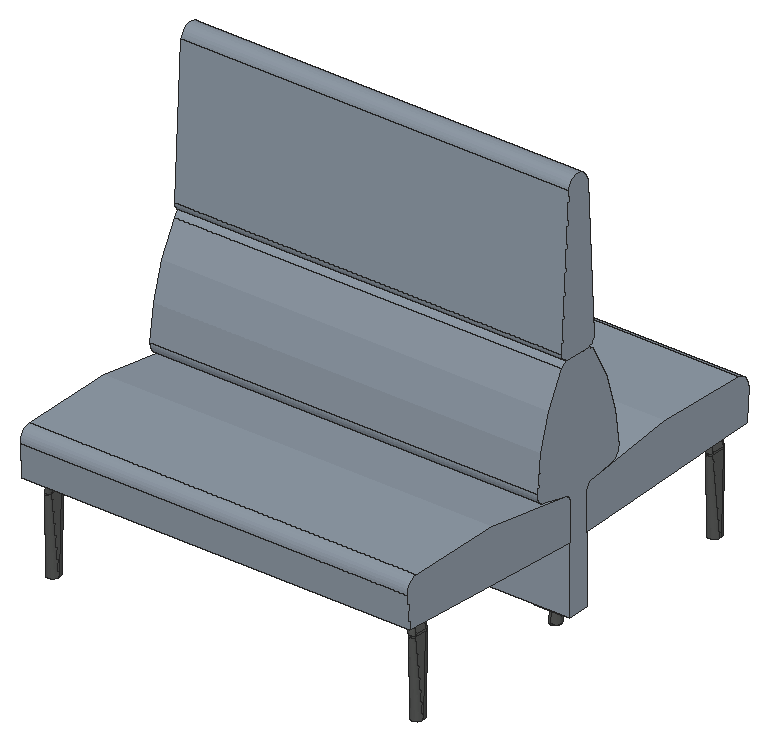
Revit family "FU_Modular_Sandler_Ambit 1066", category Furniture, Revit 2020
Family settings
  OmniClass Number = 23.40.20.00
  OmniClass Title = General Furniture and Specialties
  Work Plane-Based = No
  Always vertical = Yes
  Cut with Voids When Loaded = No
  Shared = No
  Room Calculation Point = No
Parameters (values of type "Ambit 1066")
  Width = 1200 mm
  URL = "https://www.sandlerseating.com/product/ambit-1066/"
  Seat [instance] = Fabric - Gravity - Frozen CPC27
  Panel [instance] = Fabric - Gravity - Frozen CPC27
  Model = "Ambit 1066"
  Manufacturer = "Sandler"
  Height = 770 mm
  Frame [instance] = Metal - Paint -AL VR - Matt Jet Black
  Description = "Modular seating system. Upholstered seat and back, with feet in cast aluminium."
  Depth = 1320 mm
  Default Elevation = 0 mm
  Back [instance] = Fabric - Gravity - Frozen CPC27
Reference planes
  plane 1 "Center (Front/Back)": y = 0
  plane 2: z = 0
  plane 3 "Center (Left/Right)": x = 0
  plane 4 "Right": x = -600
  plane 5 "Left": x = 600
  plane 6 "Back": y = 660
  plane 7 "Front": y = -660
  plane 8 "Height": z = 770
  plane 9 "Seat height": z = 430
Dimensions and locks
  equal spacing: plane 4 "Right", plane 3 "Center (Left/Right)", plane 5 "Left"
  "Width": plane 4 "Right" to plane 5 "Left"
  equal spacing: plane 6 "Back", plane 1 "Center (Front/Back)", plane 7 "Front"
  "Depth": plane 6 "Back" to plane 7 "Front"
  "Height": plane 8 "Height" to level
  plane 9 "Seat height" to level = 430 mm
  aligned and locked: level to plane 2
Nested families
  nested 1: "Ambit DoubleBack" at (0, 0, 0), Back <- "Back", Frame <- "Frame", type "1200mm Double Back"
    with Frame Metal - Paint -AL VR - Matt Jet Black, Back Fabric - Gravity - Frozen CPC27
  nested 2: "Ambit Double-High-Panel" at (0, 0, 0), Panel <- "Panel", type "1200mm High Double Panel"
    with Panel Fabric - Gravity - Frozen CPC27
  nested 3: "Ambit Seat" at (0, -310, 0), Frame <- "Frame", Seat <- "Seat", type "Seat 1200mm"
    with Seat Fabric - Gravity - Frozen CPC27, Frame Metal - Paint -AL VR - Matt Jet Black
  nested 4: "Ambit Seat" at (0, 310, 0), Frame <- "Frame", Seat <- "Seat", type "Seat 1200mm"
    with Seat Fabric - Gravity - Frozen CPC27, Frame Metal - Paint -AL VR - Matt Jet Black
Definition of nested family "Ambit DoubleBack"
  Parameters (values of type "1200mm Double Back")
    Width = 1200 mm
    Height = 770 mm
    Frame [instance] = none
    Depth = 320 mm
    Default Elevation = 0 mm
    Back [instance] = none
  Types (3, lengths in mm): name | Width
    (no name) | 1200
    800mm Double Back | 800
    1200mm Double Back | 1200
  Reference planes
    plane 1 "Center (Front/Back)": y = 0
    plane 2: z = 0
    plane 3 "Center (Left/Right)": x = 0
    plane 4 "Right": x = -600
    plane 5 "Left": x = 600
    plane 6 "Back": y = 160
    plane 7 "Front": y = -160
    plane 8 "Height": z = 770
    plane 9 "Seat height": z = 430
    plane 10 "Back Foot Right": x = -530.534
    plane 11 "Back Foot Left": x = 530.534
  Forms (mm)
    Revolve 1, solid, material <- "Frame"
      sketch origin (-530.534, 0, 0) x (0, 0, 1) y (0, -1, 0)
        loop
          line (40.637, 14.262) -> (2.1, 17.115)
          arc (2.1, 17.115) -> (0.817, 16.784) -> (0, 15.742) r 2.065
          line (0, 15.742) -> (0, -0.276) -> (48.022, -0.276) -> (48.022, 19.244) -> (46.076, 19.244)
          arc (46.076, 19.244) -> (44.432, 15.579) -> (40.637, 14.262) r 5.065
        axis (48.022, -0.276) -> (0, -0.276)
      angle from 0 to 360
    Extrusion 2, solid, material <- "Frame"
      sketch origin (-0.482, -318.685, 51.603) x (0, -1, 0) y (1, 0, 0)
        loop
          arc (-347.852, 490.046) -> (-347.258, 488.613) -> (-345.824, 488.019) r 2.027
          line (-345.824, 488.019) -> (-291.875, 488.019)
          arc (-291.875, 488.019) -> (-290.444, 488.611) -> (-289.852, 490.042) r 2.023
          line (-289.852, 490.042) -> (-289.852, 572.037)
          arc (-289.852, 572.037) -> (-290.431, 573.436) -> (-291.83, 574.016) r 1.978
          line (-291.83, 574.016) -> (-345.837, 574.016)
          arc (-345.837, 574.016) -> (-347.262, 573.426) -> (-347.852, 572.001) r 2.015
          line (-347.852, 572.001) -> (-347.852, 490.046)
      from -5.528 to 0
    Revolve 3, solid, material <- "Frame"
      sketch origin (530.534, 0, 0) x (0, 0, 1) y (0, -1, 0)
        loop
          line (40.637, 14.262) -> (2.1, 17.115)
          arc (2.1, 17.115) -> (0.817, 16.784) -> (0, 15.742) r 2.065
          line (0, 15.742) -> (0, -0.276) -> (48.022, -0.276) -> (48.022, 19.244) -> (46.076, 19.244)
          arc (46.076, 19.244) -> (44.432, 15.579) -> (40.637, 14.262) r 5.065
        axis (48.022, -0.276) -> (0, -0.276)
      angle from 0 to 360
    Extrusion 4, solid, material <- "Frame"
      sketch origin (0.482, -318.685, 51.603) x (0, -1, 0) y (1, 0, 0)
        loop
          line (-347.852, -490.046) -> (-347.852, -572.001)
          arc (-347.852, -572.001) -> (-347.262, -573.426) -> (-345.837, -574.016) r 2.015
          line (-345.837, -574.016) -> (-291.83, -574.016)
          arc (-291.83, -574.016) -> (-290.431, -573.436) -> (-289.852, -572.037) r 1.978
          line (-289.852, -572.037) -> (-289.852, -490.042)
          arc (-289.852, -490.042) -> (-290.444, -488.611) -> (-291.875, -488.019) r 2.023
          line (-291.875, -488.019) -> (-345.824, -488.019)
          arc (-345.824, -488.019) -> (-347.258, -488.613) -> (-347.852, -490.046) r 2.027
      from -5.528 to 0
    Extrusion 5, solid, material <- "Back"
      sketch origin (0, 0, 0) x (0, 1, 0) y (0, 0, 1)
        loop
          line (-33, 51.603) -> (33, 51.603) -> (33, 376.265)
          arc (33, 376.265) -> (37.75, 387.916) -> (48.518, 394.425) r 20
          arc (48.518, 394.425) -> (88.097, 402.963) -> (127.858, 410.609) r 1800.168
          arc (127.858, 410.609) -> (148.84, 423.03) -> (156.619, 446.139) r 35
          arc (156.619, 446.139) -> (130.105, 606.219) -> (62.425, 753.69) r 611.524
          arc (62.425, 753.69) -> (49.728, 765.652) -> (32.833, 770) r 35
          line (32.833, 770) -> (-32.833, 770)
          arc (-32.833, 770) -> (-49.728, 765.652) -> (-62.425, 753.69) r 35
          arc (-62.425, 753.69) -> (-130.105, 606.219) -> (-156.619, 446.139) r 611.524
          arc (-156.619, 446.139) -> (-148.84, 423.03) -> (-127.858, 410.609) r 35
          arc (-127.858, 410.609) -> (-88.097, 402.963) -> (-48.518, 394.425) r 1800.168
          arc (-48.518, 394.425) -> (-37.75, 387.916) -> (-33, 376.265) r 20
          line (-33, 376.265) -> (-33, 51.603)
      from -600 to 600
  Dimensions and locks
    equal spacing: plane 4 "Right", plane 3 "Center (Left/Right)", plane 5 "Left"
    "Width": plane 4 "Right" to plane 5 "Left"
    equal spacing: plane 6 "Back", plane 1 "Center (Front/Back)", plane 7 "Front"
    "Depth": plane 6 "Back" to plane 7 "Front"
    "Height": plane 8 "Height" to level
    plane 9 "Seat height" to level = 430 mm
    locked: plane 4 "Right" to plane 10 "Back Foot Right" at 69.466
    locked: plane 11 "Back Foot Left" to plane 5 "Left" at 69.466
    aligned and locked: level to plane 2
    aligned and locked: plane 4 "Right" to Extrusion 5
    aligned and locked: Extrusion 5 to plane 5 "Left"
  Automatic sketch dimensions
    plane 5 "Left" to Extrusion 2 sketch curve = 110.435 mm
    Extrusion 2 sketch curve to plane 6 "Back" = 130.833 mm
    Extrusion 2 sketch curve to Extrusion 2 sketch curve = 2.015 mm
    Extrusion 2 sketch curve to Extrusion 2 sketch curve = 2.027 mm
    Extrusion 2 sketch curve to Extrusion 2 sketch curve = 53.95 mm
    Extrusion 2 sketch curve to Extrusion 2 sketch curve = 54.007 mm
    Extrusion 2 sketch curve to Extrusion 2 sketch curve = 2.023 mm
    plane 5 "Left" to Extrusion 2 sketch curve = 28.481 mm
    Extrusion 4 sketch curve to plane 4 "Right" = 110.435 mm
    Extrusion 4 sketch curve to plane 6 "Back" = 130.833 mm
    Extrusion 4 sketch curve to Extrusion 4 sketch curve = 2.015 mm
    Extrusion 4 sketch curve to Extrusion 4 sketch curve = 2.027 mm
    Extrusion 4 sketch curve to Extrusion 4 sketch curve = 53.95 mm
    Extrusion 4 sketch curve to Extrusion 4 sketch curve = 54.007 mm
    Extrusion 4 sketch curve to Extrusion 4 sketch curve = 2.023 mm
    Extrusion 4 sketch curve to plane 4 "Right" = 28.481 mm
    Extrusion 5 sketch curve to plane 8 "Height" = 0 mm
    Extrusion 5 sketch curve to plane 7 "Front" = 287.893 mm
    Extrusion 5 sketch curve to plane 9 "Seat height" = 2.863 mm  (x2)
    Extrusion 5 sketch curve to plane 7 "Front" = 294.609 mm
    plane 9 "Seat height" to Extrusion 5 sketch curve = 15.052 mm  (x2)
    plane 7 "Front" to Extrusion 5 sketch curve = 38.364 mm
    plane 1 "Center (Front/Back)" to Extrusion 5 sketch curve = 52.955 mm
    plane 1 "Center (Front/Back)" to Extrusion 5 sketch curve = 33 mm
    plane 1 "Center (Front/Back)" to Extrusion 5 sketch curve = 32.833 mm
    Extrusion 5 sketch curve to plane 1 "Center (Front/Back)" = 32.833 mm
    Extrusion 5 sketch curve to plane 1 "Center (Front/Back)" = 33 mm
    Extrusion 5 sketch curve to Extrusion 5 sketch curve = 19.955 mm
    Extrusion 5 sketch curve to plane 6 "Back" = 38.364 mm
    plane 6 "Back" to Extrusion 5 sketch curve = 294.609 mm
    plane 6 "Back" to Extrusion 5 sketch curve = 287.893 mm
    Extrusion 5 sketch curve to plane 9 "Seat height" = 53.735 mm  (x2)
    Extrusion 5 sketch curve to Extrusion 5 sketch curve = 1.342 mm  (x2)
    level to Extrusion 5 sketch curve = 51.603 mm
    Extrusion 5 sketch curve to level = 1360.883 mm
    Extrusion 5 sketch curve to Extrusion 5 sketch curve = 0 mm  (x6)
    Extrusion 5 sketch curve to Extrusion 5 sketch curve = 35 mm  (x2)
    plane 7 "Front" to Extrusion 5 sketch curve = 3.381 mm
    Revolve 3 sketch curve to level = 0 mm
    Revolve 3 sketch curve to level = 1.947 mm
    Revolve 3 sketch curve to Revolve 3 sketch curve = 0.152 mm
    Revolve 3 sketch curve to plane 1 "Center (Front/Back)" = 14.262 mm
    Revolve 3 sketch curve to Revolve 3 sketch curve = 38.537 mm
    Revolve 3 sketch curve to Revolve 3 sketch curve = 0.374 mm
    Revolve 3 sketch curve to Revolve 3 sketch curve = 5.064 mm
    plane 1 "Center (Front/Back)" to Revolve 3 sketch curve = 0.276 mm  (x2)
    Revolve 3 sketch curve to Revolve 3 sketch curve = 7.385 mm
    Revolve 3 sketch curve to plane 1 "Center (Front/Back)" = 15.056 mm
    Revolve 3 sketch curve to Revolve 3 sketch curve = 0.686 mm
    Revolve 3 sketch curve to Revolve 3 sketch curve = 4.982 mm
    level to Revolve 3 sketch curve = 4.899 mm
    Revolve 3 sketch curve to Revolve 3 sketch curve = 5 mm
    Revolve 1 sketch curve to level = 0 mm
    level to Revolve 1 sketch curve = 1.947 mm
    Revolve 1 sketch curve to Revolve 1 sketch curve = 0.152 mm
    plane 1 "Center (Front/Back)" to Revolve 1 sketch curve = 14.262 mm
    Revolve 1 sketch curve to Revolve 1 sketch curve = 38.537 mm
    Revolve 1 sketch curve to Revolve 1 sketch curve = 0.374 mm
    Revolve 1 sketch curve to Revolve 1 sketch curve = 5.064 mm
    Revolve 1 sketch curve to plane 1 "Center (Front/Back)" = 0.276 mm  (x2)
    Revolve 1 sketch curve to Revolve 1 sketch curve = 7.385 mm
    plane 1 "Center (Front/Back)" to Revolve 1 sketch curve = 15.056 mm
    Revolve 1 sketch curve to Revolve 1 sketch curve = 0.686 mm
    Revolve 1 sketch curve to Revolve 1 sketch curve = 4.982 mm
    Revolve 1 sketch curve to level = 4.899 mm
    Revolve 1 sketch curve to Revolve 1 sketch curve = 5 mm
Definition of nested family "Ambit Double-High-Panel"
  Parameters (values of type "1200mm High Double Panel")
    Width = 1200 mm
    URL = ""
    Panel [instance] = none
    Overall Height = 1270 mm
    Model = ""
    Manufacturer = ""
    Back Height = 770 mm
    Description = "Modular seating system."
    Depth = 700 mm
    Default Elevation = 0 mm
  Types (3, lengths in mm): name | Width
    (no name) | 1200
    800mm High Double Panel | 800
    1200mm High Double Panel | 1200
  Reference planes
    plane 1 "Center (Front/Back)": y = 0
    plane 2: z = 0
    plane 3 "Center (Left/Right)": x = 0
    plane 4 "Right": x = -600
    plane 5 "Left": x = 600
    plane 6 "Back": y = 350
    plane 7 "Front": y = -350
    plane 8 "Back Height": z = 770
    plane 9 "Seat height": z = 430
    plane 10 "Panel Height": z = 1270
  Forms (mm)
    Extrusion 1, solid, material <- "Panel"
      sketch origin (600, -318.284, 0) x (0, -1, 0) y (0, 0, 1)
        loop
          arc (-255.4, 795.372) -> (-263.643, 1016.712) -> (-281.763, 1237.462) r 4957.952
          arc (-281.763, 1237.462) -> (-318.284, 1270.362) -> (-354.805, 1237.462) r 36.72
          arc (-354.805, 1237.462) -> (-372.926, 1016.712) -> (-381.169, 795.372) r 4957.952
          arc (-381.169, 795.372) -> (-373.98, 777.454) -> (-356.171, 770) r 25
          line (-356.171, 770) -> (-280.397, 770)
          arc (-280.397, 770) -> (-262.588, 777.454) -> (-255.4, 795.372) r 25
      from 0 to 1200
  Dimensions and locks
    equal spacing: plane 4 "Right", plane 3 "Center (Left/Right)", plane 5 "Left"
    "Width": plane 4 "Right" to plane 5 "Left"
    equal spacing: plane 6 "Back", plane 1 "Center (Front/Back)", plane 7 "Front"
    "Depth": plane 6 "Back" to plane 7 "Front"
    "Back Height": plane 8 "Back Height" to level
    plane 9 "Seat height" to level = 430 mm
    "Overall Height": plane 10 "Panel Height" to level
    aligned and locked: level to plane 2
    aligned and locked: plane 4 "Right" to Extrusion 1
    aligned and locked: Extrusion 1 to plane 5 "Left"
  Automatic sketch dimensions
    Extrusion 1 sketch curve to plane 8 "Back Height" = 0 mm
    Extrusion 1 sketch curve to plane 8 "Back Height" = 48.425 mm  (x2)
    plane 6 "Back" to Extrusion 1 sketch curve = 4544.518 mm
    plane 8 "Back Height" to Extrusion 1 sketch curve = 25 mm  (x2)
    Extrusion 1 sketch curve to plane 1 "Center (Front/Back)" = 37.887 mm
    plane 1 "Center (Front/Back)" to Extrusion 1 sketch curve = 0 mm
    plane 1 "Center (Front/Back)" to Extrusion 1 sketch curve = 37.887 mm
    Extrusion 1 sketch curve to plane 7 "Front" = 4544.518 mm
    Extrusion 1 sketch curve to plane 10 "Panel Height" = 36.359 mm
    Extrusion 1 sketch curve to Extrusion 1 sketch curve = 0 mm  (x3)
Definition of nested family "Ambit Seat"
  Parameters (values of type "Seat 800mm")
    Width = 800 mm
    URL = ""
    Seat [instance] = none
    Model = ""
    Manufacturer = ""
    Height = 770 mm
    Frame [instance] = none
    Description = "Modular seating system."
    Depth = 700 mm
    Default Elevation = 0 mm
  Types (3, lengths in mm): name | Width
    (no name) | 800
    Seat 800mm | 800
    Seat 1200mm | 1200
  Reference planes
    plane 1 "Center (Front/Back)": y = 0
    plane 2: z = 0
    plane 3 "Center (Left/Right)": x = 0
    plane 4 "Right": x = -400
    plane 5 "Left": x = 400
    plane 6 "Back": y = 350
    plane 7 "Front": y = -350
    plane 8 "Height": z = 770
    plane 9 "Seat height": z = 430
    plane 10 "FFT C RIGHT": z = 285.404
    plane 11 "Frame Left": x = -364
    plane 12 "Frame Right": x = 364
  Forms (mm)
    SweptBlend 1, solid, material <- "Frame"
      path origin (0, -265.648, 0) x (0, 0, -1) y (1, 0, 0)
        loop
          line (0, 364.075) -> (-239.72, 364.075)
      profile "Pro_Ambit_FFoot : Pro_Ambit_FFoot" origin (364.075, -265.648, 0) x (-1, 0, 0) y (0, -1, 0)
        loop
          arc (17.452, 3.305) -> (0, 20.142) -> (-17.452, 3.305) r 17.463
          line (-17.452, 3.305) -> (-17.452, -3.305)
          arc (-17.452, -3.305) -> (0, -20.142) -> (17.452, -3.305) r 17.463
          line (17.452, -3.305) -> (17.452, 3.305)
      end profile "Pro_Ambit_FF : Pro_Ambit_FF" origin (364.075, -265.648, 239.72) x (-1, 0, 0) y (0, -1, 0)
        loop
          arc (-10, -20.066) -> (0, -30.066) -> (10, -20.066) r 10
          line (10, -20.066) -> (10, 20.066)
          arc (10, 20.066) -> (0, 30.066) -> (-10, 20.066) r 10
          line (-10, 20.066) -> (-10, -20.066)
    Sweep 2, solid, material <- "Frame"
      path origin (0, -265.648, 0) x (0, 0, -1) y (1, 0, 0)
        loop
          line (-234.72, -364.14) -> (-239.72, -364.14)
          arc (-239.72, -364.14) -> (-272.419, -345.952) -> (-285.404, -310.86) r 53.912
          line (-285.404, -310.86) -> (-285.404, 310.86)
          arc (-285.404, 310.86) -> (-272.419, 345.952) -> (-239.72, 364.14) r 53.912
          line (-239.72, 364.14) -> (-234.72, 364.14)
      profile "Pro_Ambit_FF : Pro_Ambit_FF" origin (0, -265.648, 285.404) x (0, 0, 1) y (0, -1, 0)
        loop
          arc (-10, -20.066) -> (0, -30.066) -> (10, -20.066) r 10
          line (10, -20.066) -> (10, 20.066)
          arc (10, 20.066) -> (0, 30.066) -> (-10, 20.066) r 10
          line (-10, 20.066) -> (-10, -20.066)
    SweptBlend 3, solid, material <- "Frame"
      path origin (0, -265.648, 0) x (0, 0, -1) y (-1, 0, 0)
        loop
          line (0, 364.075) -> (-239.72, 364.075)
      profile "Pro_Ambit_FFoot : Pro_Ambit_FFoot" origin (-364.075, -265.648, 0) x (-1, 0, 0) y (0, -1, 0)
        loop
          line (-17.452, 3.305) -> (-17.452, -3.305)
          arc (-17.452, -3.305) -> (0, -20.142) -> (17.452, -3.305) r 17.463
          line (17.452, -3.305) -> (17.452, 3.305)
          arc (17.452, 3.305) -> (0, 20.142) -> (-17.452, 3.305) r 17.463
      end profile "Pro_Ambit_FF : Pro_Ambit_FF" origin (-364.075, -265.648, 239.72) x (-1, 0, 0) y (0, -1, 0)
        loop
          line (-10, 20.066) -> (-10, -20.066)
          arc (-10, -20.066) -> (0, -30.066) -> (10, -20.066) r 10
          line (10, -20.066) -> (10, 20.066)
          arc (10, 20.066) -> (0, 30.066) -> (-10, 20.066) r 10
    Extrusion 4, solid, material <- "Seat"
      sketch origin (-400, 0, 0) x (0, -1, 0) y (0, 0, 1)
        loop
          line (343.115, 289.761) -> (350.038, 388.028)
          arc (350.038, 388.028) -> (340.698, 416.645) -> (314.05, 430.647) r 40
          arc (314.05, 430.647) -> (24.831, 435.731) -> (-261.468, 394.425) r 1800.168
          arc (-261.468, 394.425) -> (-272.664, 387.398) -> (-277.031, 374.923) r 20
          line (-277.031, 374.923) -> (-277.031, 260.098) -> (343.115, 289.761)
      from -800 to 0
  Dimensions and locks
    equal spacing: plane 4 "Right", plane 3 "Center (Left/Right)", plane 5 "Left"
    "Width": plane 4 "Right" to plane 5 "Left"
    equal spacing: plane 6 "Back", plane 1 "Center (Front/Back)", plane 7 "Front"
    "Depth": plane 6 "Back" to plane 7 "Front"
    "Height": plane 8 "Height" to level
    plane 9 "Seat height" to level = 430 mm
    locked: plane 4 "Right" to plane 11 "Frame Left" at 36
    locked: plane 12 "Frame Right" to plane 5 "Left" at 36
    aligned and locked: level to plane 2
    aligned and locked: plane 4 "Right" to Extrusion 4
    aligned and locked: Extrusion 4 to plane 5 "Left"
  Automatic sketch dimensions
    SweptBlend 1 sketch curve to level = 0 mm
    SweptBlend 1 sketch curve to plane 10 "FFT C RIGHT" = 45.683 mm
    Sweep 2 sketch curve to plane 10 "FFT C RIGHT" = 0 mm
    Sweep 2 sketch curve to plane 10 "FFT C RIGHT" = 45.683 mm  (x2)
    Sweep 2 sketch curve to plane 10 "FFT C RIGHT" = 53.912 mm  (x2)
    Sweep 2 sketch curve to plane 4 "Right" = 89.14 mm
    Sweep 2 sketch curve to Sweep 2 sketch curve = 5 mm  (x2)
    SweptBlend 3 sketch curve to level = 0 mm
    plane 4 "Right" to SweptBlend 3 sketch curve = 35.925 mm
    plane 10 "FFT C RIGHT" to SweptBlend 3 sketch curve = 45.683 mm
    Extrusion 4 sketch curve to Extrusion 4 sketch curve = 20 mm
    plane 7 "Front" to Extrusion 4 sketch curve = 39.864 mm
    plane 7 "Front" to Extrusion 4 sketch curve = 6.885 mm
    Extrusion 4 sketch curve to plane 7 "Front" = 0.038 mm
    Extrusion 4 sketch curve to level = 1360.883 mm
    Extrusion 4 sketch curve to plane 10 "FFT C RIGHT" = 25.306 mm
    plane 10 "FFT C RIGHT" to Extrusion 4 sketch curve = 4.357 mm
    Extrusion 4 sketch curve to plane 9 "Seat height" = 55.077 mm
    Extrusion 4 sketch curve to plane 9 "Seat height" = 41.972 mm
    Extrusion 4 sketch curve to plane 9 "Seat height" = 39.161 mm
    Extrusion 4 sketch curve to Extrusion 4 sketch curve = 0 mm
    plane 5 "Left" to SweptBlend 1 sketch curve = 35.925 mm
    plane 5 "Left" to Sweep 2 sketch curve = 89.14 mm
    Extrusion 4 sketch curve to plane 6 "Back" = 92.969 mm
    plane 1 "Center (Front/Back)" to Extrusion 4 sketch curve = 137.907 mm
